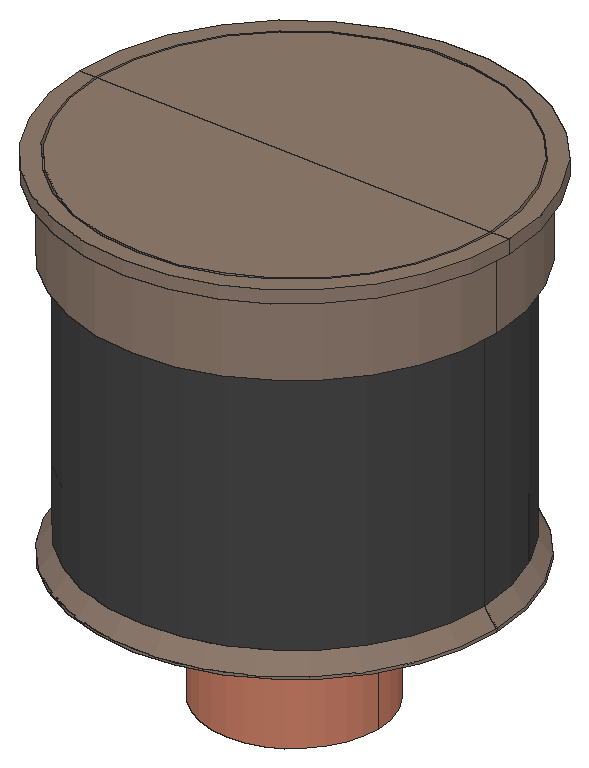
Revit family
Parameters (values of type "4120S02")
  Weight (lb) = 10.75
  Warranty = "1 year material and workmanship"  # constant formula
  URL = "http://www.jrsmith.com"
  Technical and Installation = "http://www.jrsmith.com/products/cleanout/pm/tech.pdf"
  SmartBIM Object Version = 3  # constant formula
  SmartBIM Object Created By = "Reed Construction Data"  # constant formula
  Product URL = "http://www.jrsmith.com/products/cleanout/submittal/d4120.pdf"
  Pipe Radius = Pipe Diameter / 2  # 1"
  Pipe Diameter = 2"
  OmniClass Title = "Facility Drainage Piping Cleanouts"  # constant formula
  OmniClass Code = "22-22 13 19 13"  # constant formula
  Model = "4120"  # constant formula
  Material Finish = Duco Coated
  Material = Cast Iron
  Manufacturer = "Jay R. Smith Mfg. Co. "  # constant formula
  Flow Rate = ""
  Floor Offset = 3 11/16"
  Description = "Duco cast iron cleanout with round adjustable scoriated nickel bronze top"  # constant formula
  Default Elevation = 0"
  Connection Type = ""
  Assembly Code = "D2030400"
  95 CSI = "15155"  # constant formula
  04 CSI = "22 13 19"  # constant formula
Types (4): name | Weight (lb) | Pipe Radius | Pipe Diameter
  4120S03 | 10.47 | 1 1/2" | 3"
  4120S04 | 10.23 | 2" | 4"
  4120S02 | 10.75 | 1" | 2"
  4120S05 | 9.96 | 2 1/2" | 5"
Reference planes (in)
  plane 1 "Center (Front/Back)": y = 0.8125
  plane 2: z = 0
  plane 3 "Center (Left/Right)": x = 0
  plane 4: y = 4.00146
  plane 5: y = -2.37646
  plane 6: z = -1.18796
  plane 7: z = -4.87546
Dimensions and locks (in)
  equal spacing: plane 5, plane 1 "Center (Front/Back)", plane 4
  locked: level to plane 6 at 1.18796
  "Floor Offset": plane 6 to plane 7
  aligned and locked: level to plane 2
  aligned and locked: plane 3 "Center (Left/Right)" to nested 1
  aligned and locked: plane 1 "Center (Front/Back)" to nested 1
  aligned and locked: level to nested 1
Nested families (in)
  nested 1: "4120" at (0, -0.0625, 0), type "4120S03"
    with Pipe Radius 1", Pipe Diameter 2", Floor Offset 3 11/16"
Definition of nested family "4120"
  Parameters (values of type "4120S03")
    Weight (lb) = 10.47
    Warranty = "1 year material and workmanship"  # constant formula
    URL = "http://www.jrsmith.com"
    Technical and Installation = "http://www.jrsmith.com/products/cleanout/pm/tech.pdf"
    SmartBIM Object Version = 3  # constant formula
    SmartBIM Object Created By = "Reed Construction Data"  # constant formula
    Product URL = "http://www.jrsmith.com/products/cleanout/submittal/d4120.pdf"
    Pipe Radius = Pipe Diameter / 2  # 1 1/2"
    Pipe Diameter = 3"
    OmniClass Title = "Facility Drainage Piping Cleanouts"  # constant formula
    OmniClass Code = "22-22 13 19 13"  # constant formula
    Model = "4120"  # constant formula
    Material Finish = Duco Coated
    Material = Cast Iron
    Manufacturer = "Jay R. Smith Mfg. Co. "  # constant formula
    Flow Rate = ""
    Floor Offset = 2"
    Description = "Duco cast iron cleanout with round adjustable scoriated nickel bronze top"  # constant formula
    Default Elevation = 0"
    Connection Type = ""
    Assembly Code = "D2030400"
    95 CSI = "15155"  # constant formula
    04 CSI = "22 13 19"  # constant formula
  Types (4): name | Weight (lb) | Pipe Radius | Pipe Diameter
    4120S03 | 10.47 | 1 1/2" | 3"
    4120S04 | 10.23 | 2" | 4"
    4120S02 | 10.75 | 1" | 2"
    4120S05 | 9.96 | 2 1/2" | 5"
  Reference planes (in)
    plane 1 "Center (Front/Back)": y = 0.875
    plane 2: z = -5.37546
    plane 3 "Center (Left/Right)": x = 0
    plane 4: y = 7
    plane 5: y = -5.25
    plane 6: z = 0
    plane 7: z = -3.18796
    plane 8: z = 0.125
    plane 9: z = -1.18796
  Forms (in)
    Revolve 1, solid, material "Duco Coated" <- "Material Finish", detail levels medium+fine
      sketch origin (0, 0.875, -2.32019) x (1, 0, 0) y (0, 0, 1)
        loop
          line (2.54295, 1.38223) -> (2.54295, -0.86777) -> (2.82184, -0.86777) -> (2.82184, 1.38223) -> (2.54295, 1.38223)
        axis (0, -0.86777) -> (0, 1.38223)
      angle from 0 to 360
    Revolve 2, solid, material "Cast Iron" <- "Material", detail levels medium+fine
      sketch origin (0, 0.875, -0.89481) x (1, 0, 0) y (0, 0, 1)
        loop
          line (3.00111, -2.57786) -> (3.00111, -2.54349) -> (2.81208, -2.29315) -> (2.81208, -1.24962) -> (2.30838, -1.24962) -> (2.30838, -1.69601) -> (2.02832, -1.69601) -> (2.02832, -2.30683) -> (2.67049, -2.30683) -> (2.67049, -2.57786) -> (3.00111, -2.57786)
        axis (0, -2.57786) -> (0, -1.24962)
      angle from 0 to 360
    Revolve 3, solid, material "Cast Iron" <- "Material", detail levels medium+fine
      sketch origin (0, 0.875, -0.42501) x (1, 0, 0) y (0, 0, 1)
        loop
          line (0, 0.55001) -> (0, 0.36919) -> (1.19115, 0.36919) -> (1.19115, 0.17082) -> (1.80242, 0.17082) -> (1.80242, 0.36919) -> (2.46806, 0.36919) -> (2.46806, -0.23514) -> (2.759, -0.23514) -> (2.759, 0.26486) -> (2.59737, 0.26486) -> (2.59737, 0.4263) -> (2.91308, 0.4263) -> (2.91308, 0.55001) -> (0, 0.55001)
        axis (0, 0.55001) -> (0, -0.23514)
      angle from 0 to 360
    Revolve 4, solid, material "Cast Iron" <- "Material", detail levels medium+fine
      sketch origin (0, 0.875, -0.92157) x (1, 0, 0) y (0, 0, 1)
        loop
          line (2.1972, -0.01639) -> (2.82184, -0.01639) -> (2.82184, -0.26639) -> (3.00431, -0.26639) -> (3.00431, 0.85795) -> (3.18898, 0.85795) -> (3.18898, 1.04657) -> (2.94447, 1.04657) -> (2.94447, 0.885) -> (2.75938, 0.885) -> (2.75938, 0.135) -> (2.1972, 0.135) -> (2.1972, -0.01639)
        axis (0, -0.26639) -> (0, 1.04657)
      angle from 0 to 360
    Revolve 5, solid, material "Copper Satin"
      sketch origin (0, 0.875, 0) x (1, 0, 0) y (0, 0, 1)
        loop
          line (1.5, -3.00046) -> (1.5, -5.37546) -> (1.75, -5.37546) -> (1.75, -3.00046) -> (1.5, -3.00046)
        axis (0, -3.00046) -> (0, -5.37546)
      angle from 0 to 360
  Lines and regions (in)
    model lines
      curve 1: line (0, 0.875, -5.37546) -> (0, 0.875, 0.125)
      curve 2: line (-2.91308, 0.875, 0.125) -> (2.83692, 0.875, 0.125)
  Dimensions and locks (in)
    equal spacing: plane 5, plane 1 "Center (Front/Back)", plane 4
    Revolve 4 sketch curve to Revolve 4 sketch curve to Revolve 4 sketch curve to Revolve 4 sketch curve to Revolve 4 sketch curve = 0.02705" locked, 0.72295" locked, 0.1514" locked, 1/4" locked
    Revolve 3 sketch curve to Revolve 3 sketch curve to Revolve 3 sketch curve to Revolve 3 sketch curve to Revolve 3 sketch curve to Revolve 3 sketch curve = 0.12371" locked, 0.05711" locked, 0.10433" locked, 0.09404" locked, 0.40596" locked
    locked: plane 7 to plane 2 at 2.1875
    locked: plane 8 to level at 0.125
    locked: level to plane 9 at 1.18796
    "Floor Offset": plane 9 to plane 7
    locked: Revolve 1 sketch curve to Revolve 1 sketch curve at 0.27889
    "Floor Offset": plane 9 to Revolve 1 sketch curve
    locked: Revolve 1 to Revolve 2 sketch curve at 0.00977
    locked: Revolve 5 sketch curve to plane 7 at 0.1875
    locked: Revolve 5 sketch curve to Revolve 5 sketch curve at 0.25
    "Pipe Radius": Revolve 5 sketch curve to plane 3 "Center (Left/Right)"
    equal spacing: Revolve 2 sketch curve, Revolve 2 sketch curve, Revolve 2 sketch curve, plane 7, Revolve 2 sketch curve, Revolve 2 sketch curve
    aligned and locked: Revolve 3 sketch curve to Revolve 3 sketch curve
    aligned and locked: Revolve 4 sketch curve to plane 8
    aligned and locked: plane 3 "Center (Left/Right)" to curve 1
    aligned and locked: curve 1 to Revolve 4
    aligned and locked: curve 2 to plane 8
    aligned and locked: plane 8 to Revolve 3
    aligned and locked: Revolve 1 sketch curve to Revolve 4  (x2)
    aligned and locked: Revolve 5 sketch curve to plane 3 "Center (Left/Right)"
    aligned and locked: plane 2 to curve 1
    aligned and locked: plane 2 to Revolve 5 sketch curve
    aligned and locked: plane 7 to Revolve 2 sketch curve
  Automatic sketch dimensions
    Revolve 1 sketch curve to plane 3 "Center (Left/Right)" = 0"
    Revolve 1 sketch curve to Revolve 1 sketch curve = 0.64085"
    plane 2 to Revolve 1 sketch curve = 5.06432"
    Revolve 2 sketch curve to plane 3 "Center (Left/Right)" = 0"
    Revolve 2 sketch curve to Revolve 2 sketch curve = 0.976"
    plane 2 to Revolve 2 sketch curve = 6.88631"
    Revolve 3 sketch curve to plane 3 "Center (Left/Right)" = 0"  (x2)
    plane 3 "Center (Left/Right)" to Revolve 3 sketch curve = 1.19115"
    Revolve 3 sketch curve to Revolve 3 sketch curve = 0.61127"
    Revolve 3 sketch curve to Revolve 3 sketch curve = 0.66564"
    Revolve 3 sketch curve to Revolve 3 sketch curve = 0.12931"
    Revolve 3 sketch curve to Revolve 3 sketch curve = 0.29094"
    Revolve 3 sketch curve to Revolve 3 sketch curve = 0.15408"
    plane 2 to Revolve 3 sketch curve = 3.03971"
    plane 2 to Revolve 3 sketch curve = 7.03901"
    Revolve 4 sketch curve to plane 3 "Center (Left/Right)" = 0"
    plane 3 "Center (Left/Right)" to Revolve 4 sketch curve = 2.1972"
    Revolve 4 sketch curve to Revolve 4 sketch curve = 0.56219"
    Revolve 4 sketch curve to Revolve 4 sketch curve = 0.06246"
    Revolve 4 sketch curve to Revolve 4 sketch curve = 0.18508"
    Revolve 4 sketch curve to Revolve 4 sketch curve = 0.18247"
    Revolve 4 sketch curve to Revolve 4 sketch curve = 0.24452"
    Revolve 4 sketch curve to Revolve 4 sketch curve = 1.13223"
    Revolve 4 sketch curve to Revolve 4 sketch curve = 1.86433"
    Revolve 4 sketch curve to Revolve 4 sketch curve = 0.16157"
    curve 2 to plane 3 "Center (Left/Right)" = 2.91308"
    plane 3 "Center (Left/Right)" to curve 2 = 2.83692"
    plane 9 to Revolve 3 sketch curve = 0.52781"
    Revolve 2 sketch curve to Revolve 2 sketch curve = 0.28006"
    Revolve 2 sketch curve to Revolve 2 sketch curve = 0.5037"
    Revolve 2 sketch curve to Revolve 2 sketch curve = 0.18903"
    Revolve 2 sketch curve to Revolve 2 sketch curve = 0.14158"
    Revolve 5 sketch curve to plane 2 = 14.73942"
    plane 8 to Revolve 5 sketch curve = 22.52798"
    Revolve 2 sketch curve to Revolve 2 sketch curve = 0.27103"
    plane 7 to Revolve 2 sketch curve = 0.01368"
    Revolve 2 sketch curve to Revolve 2 sketch curve = 0.03437"
    Revolve 2 sketch curve to plane 7 = 0.59714"
    Revolve 2 sketch curve to Revolve 2 sketch curve = 0.44639"
